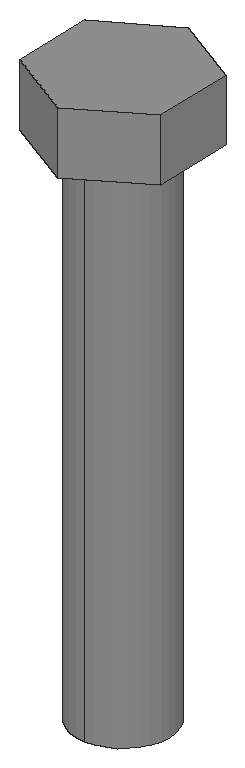
Revit family "060523 - W_P_C - Fastenings - Generic - Lag Bolt or Thru Bolt", category Structural Connections, Revit 2020
Family settings
  Material for Model Behavior = Other
  Work Plane-Based = Yes
  Enable cutting in views = Yes
  Always vertical = No
  Cut with Voids When Loaded = No
  Shared = No
Parameters (values of type "3/8 - at steel angle")
  Washer_Thickness = Head Height / 3  # 0' - 0.08333"
  Washer Radius = Radius + Head Height  # 0' - 0 7/16"
  Washer Offset - Head = if(Washer_Head_Visibility, Washer_Thickness, 0' 0")  # 0' - 0.08333"
  Washer Offset = if(Washer_Nut_Visibility, Washer_Thickness, 0' 0")  # 0' - 0.08333"
  Washer Material = none
  Washer_Nut_Visibility = no
  Washer_Head_Visibility = no
  Thickness_of_Substrate [instance] = 0' - 1"
  Side = Head Size * 0.57812  # 0' - 0.3252"
  Round_Head_Visibility = no
  Radius = Diameter / 2  # 0' - 0 3/16"
  Nut_Visibility = no
  Length [instance] = 0' - 2"
  Hex_Head_Visiblilty = yes
  Head Size = 0' - 0 9/16"
  Head Radius = Head Size / 2  # 0' - 0 9/32"
  Head Height = 0' - 0 1/4"
  Double Diameter = Diameter * 2  # 0' - 0 3/4"
  Diameter = 0' - 0 3/8"
  Default Elevation = 4' - 0"
  Bolt Material (Size) = 3/8" x 3" LAGS AT 19.2" O.C.
Types (25): name | Washer_Thickness | Washer Radius | Washer Offset - Head | Washer Offset | Washer_Nut_Visibility | Washer_Head_Visibility | Side | Round_Head_Visibility | Radius | Nut_Visibility | Length | Hex_Head_Visiblilty | Head Size | Head Radius | Head Height | Double Diameter | Diameter | Bolt Material (Size)
  2 1/2 | 0' - 0.56933" | 0' - 2.9875" | 0' - 0.56933" | 0' - 0.56933" | yes | yes | 0' - 2 43/256" | yes | 0' - 1.2795" | yes | 0' - 2" | yes | 0' - 3 3/4" | 0' - 1 7/8" | 0' - 1.708" | 0' - 5.118" | 0' - 2.559" | RIVETS
  2 1/4 | 0' - 0.516" | 0' - 2.7005" | 0' - 0.516" | 0' - 0.516" | yes | yes | 0' - 1.95117" | yes | 0' - 1.1525" | yes | 0' - 2" | yes | 0' - 3 3/8" | 0' - 1 11/16" | 0' - 1.548" | 0' - 4.61" | 0' - 2.305" | RIVETS
  2 | 0' - 0.46267" | 0' - 2.4075" | 0' - 0.46267" | 0' - 0.46267" | yes | yes | 0' - 1 47/64" | yes | 0' - 1.0195" | yes | 0' - 2" | yes | 0' - 3" | 0' - 1 1/2" | 0' - 1.388" | 0' - 4.078" | 0' - 2.039" | RIVETS
  1 7/8 | 0' - 0.42533" | 0' - 2.232" | 0' - 0.42533" | 0' - 0.42533" | yes | yes | 0' - 1.62569" | yes | 0' - 0.956" | yes | 0' - 2" | yes | 0' - 2.812" | 0' - 1.406" | 0' - 1.276" | 0' - 3.824" | 0' - 1.912" | RIVETS
  1 3/4 | 0' - 0.39867" | 0' - 2.0885" | 0' - 0.39867" | 0' - 0.39867" | yes | yes | 0' - 1.51758" | yes | 0' - 0.8925" | yes | 0' - 2" | yes | 0' - 2 5/8" | 0' - 1 5/16" | 0' - 1.196" | 0' - 3.57" | 0' - 1.785" | RIVETS
  1 5/8 | 0' - 0.372" | 0' - 1.945" | 0' - 0.372" | 0' - 0.372" | yes | yes | 0' - 1.40947" | yes | 0' - 0.829" | yes | 0' - 2" | yes | 0' - 2.438" | 0' - 1.219" | 0' - 1.116" | 0' - 3.316" | 0' - 1.658" | RIVETS
  1 1/2 | 0' - 0.34533" | 0' - 1.8015" | 0' - 0.34533" | 0' - 0.34533" | yes | yes | 0' - 1 77/256" | yes | 0' - 0.7655" | yes | 0' - 2" | yes | 0' - 2 1/4" | 0' - 1 1/8" | 0' - 1.036" | 0' - 3.062" | 0' - 1.531" | RIVETS
  1 3/8 | 0' - 0.31333" | 0' - 1.642" | 0' - 0.31333" | 0' - 0.31333" | yes | yes | 0' - 1.19209" | yes | 0' - 0.702" | yes | 0' - 2" | yes | 0' - 2.062" | 0' - 1.031" | 0' - 0.94" | 0' - 2.808" | 0' - 1.404" | RIVETS
  1 1/4 | 0' - 0.292" | 0' - 1.5145" | 0' - 0.292" | 0' - 0.292" | yes | yes | 0' - 1.08398" | yes | 0' - 0.6385" | yes | 0' - 2" | yes | 0' - 1 7/8" | 0' - 0 15/16" | 0' - 0.876" | 0' - 2.554" | 0' - 1.277" | RIVETS
  1 1/8 | 0' - 0.26" | 0' - 1.3545" | 0' - 0.26" | 0' - 0.26" | yes | yes | 0' - 0.97588" | yes | 0' - 0.5745" | yes | 0' - 2" | yes | 0' - 1.688" | 0' - 0.844" | 0' - 0.78" | 0' - 2.298" | 0' - 1.149" | RIVETS
  1 | 0' - 0.23333" | 0' - 1.211" | 0' - 0.23333" | 0' - 0.23333" | yes | yes | 0' - 0 111/128" | yes | 0' - 0.511" | yes | 0' - 2" | yes | 0' - 1 1/2" | 0' - 0 3/4" | 0' - 0.7" | 0' - 2.044" | 0' - 1.022" | RIVETS
  7/8 | 0' - 0.20133" | 0' - 1.0515" | 0' - 0.20133" | 0' - 0.20133" | yes | yes | 0' - 0.7585" | yes | 0' - 0.4475" | yes | 0' - 2" | yes | 0' - 1.312" | 0' - 0.656" | 0' - 0.604" | 0' - 1.79" | 0' - 0.895" | RIVETS
  3/4 | 0' - 0.17467" | 0' - 0.908" | 0' - 0.17467" | 0' - 0.17467" | yes | yes | 0' - 0.65039" | yes | 0' - 0.384" | yes | 0' - 2" | yes | 0' - 1 1/8" | 0' - 0 9/16" | 0' - 0.524" | 0' - 1.536" | 0' - 0.768" | RIVETS
  5/8 | 0' - 0.148" | 0' - 0.765" | 0' - 0.148" | 0' - 0.148" | yes | yes | 0' - 0.54228" | yes | 0' - 0.321" | yes | 0' - 2" | yes | 0' - 0.938" | 0' - 0.469" | 0' - 0.444" | 0' - 1.284" | 0' - 0.642" | RIVETS
  1/2 | 0' - 0.12133" | 0' - 0.6215" | 0' - 0.12133" | 0' - 0.12133" | yes | yes | 0' - 0 111/256" | yes | 0' - 0.2575" | yes | 0' - 2" | yes | 0' - 0 3/4" | 0' - 0 3/8" | 0' - 0.364" | 0' - 1.03" | 0' - 0.515" | RIVETS
  poly bolts | 0' - 0.22396" | 0' - 0 55/64" | 0' - 0.22396" | 0' - 0.22396" | yes | yes | 0' - 0 111/128" | yes | 0' - 0 3/16" | yes | 0' - 6" | yes | 0' - 1 1/2" | 0' - 0 3/4" | 0' - 0 43/64" | 0' - 0 3/4" | 0' - 0 3/8" | 5/8" GALV. ANCHOR BOLT @ 24" O.C. (11" MIN. EMBEDMENT)
  1" | 0' - 0.22396" | 0' - 1 3/64" | 0' - 0.22396" | 0' - 0.22396" | yes | yes | 0' - 0 111/128" | yes | 0' - 0 3/8" | yes | 0' - 6" | yes | 0' - 1 1/2" | 0' - 0 3/4" | 0' - 0 43/64" | 0' - 1 1/2" | 0' - 0 3/4" | 5/8" GALV. ANCHOR BOLT @ 24" O.C. (11" MIN. EMBEDMENT)
  1" Light Pole Anchor Bolt | 0' - 0.22396" | 0' - 1 11/64" | 0' - 0.22396" | 0' - 0.22396" | yes | yes | 0' - 0 111/128" | yes | 0' - 0 1/2" | yes | 4' - 0" | yes | 0' - 1 1/2" | 0' - 0 3/4" | 0' - 0 43/64" | 0' - 2" | 0' - 1" | 5/8" GALV. ANCHOR BOLT @ 24" O.C. (6" MIN. EMBEDMENT)
  1/4 | 0' - 0.05729" | 0' - 0 19/64" | 0' - 0.05729" | 0' - 0.05729" | yes | yes | 0' - 0.25293" | yes | 0' - 0 1/8" | yes | 0' - 2" | yes | 0' - 0 7/16" | 0' - 0 7/32" | 0' - 0 11/64" | 0' - 0 1/2" | 0' - 0 1/4" | RIVETS
  5/16 | 0' - 0.07292" | 0' - 0 3/8" | 0' - 0.07292" | 0' - 0.07292" | yes | yes | 0' - 0 37/128" | yes | 0' - 0 5/32" | yes | 0' - 2" | yes | 0' - 0 1/2" | 0' - 0 1/4" | 0' - 0 7/32" | 0' - 0 5/8" | 0' - 0 5/16" | RIVETS
  3/8 | 0' - 0.08333" | 0' - 0 7/16" | 0' - 0.08333" | 0' - 0.08333" | yes | yes | 0' - 0.3252" | yes | 0' - 0 3/16" | yes | 0' - 2" | yes | 0' - 0 9/16" | 0' - 0 9/32" | 0' - 0 1/4" | 0' - 0 3/4" | 0' - 0 3/8" | RIVETS
  7/16_not common | 0' - 0.09896" | 0' - 0 33/64" | 0' - 0.09896" | 0' - 0.09896" | yes | yes | 0' - 0.36133" | yes | 0' - 0 7/32" | yes | 0' - 2" | yes | 0' - 0 5/8" | 0' - 0 5/16" | 0' - 0 19/64" | 0' - 0 7/8" | 0' - 0 7/16" | RIVETS
  Polycarbaonte | 0' - 0.05729" | 0' - 0 19/64" | 0' - 0.05729" | 0' - 0.05729" | yes | yes | 0' - 0.25293" | yes | 0' - 0 1/8" | yes | 0' - 2" | no | 0' - 0 7/16" | 0' - 0 7/32" | 0' - 0 11/64" | 0' - 0 1/2" | 0' - 0 1/4" | RIVETS
  RIVET AT POLY | 0' - 0.05729" | 0' - 0 15/64" | 0' - 0.05729" | 0' - 0.08333" | no | yes | 0' - 0.25293" | yes | 0' - 0 1/16" | no | 0' - 2" | no | 0' - 0 7/16" | 0' - 0 7/32" | 0' - 0 11/64" | 0' - 0 1/4" | 0' - 0 1/8" | RIVETS
  3/8 - at steel angle | 0' - 0.08333" | 0' - 0 7/16" | 0' - 0.08333" | 0' - 0.08333" | no | no | 0' - 0.3252" | no | 0' - 0 3/16" | no | 0' - 2" | yes | 0' - 0 9/16" | 0' - 0 9/32" | 0' - 0 1/4" | 0' - 0 3/4" | 0' - 0 3/8" | 3/8" x 3" LAGS AT 19.2" O.C.
Reference planes (in)
  plane 1 "Center (Front/Back)": y = 0
  plane 2: z = 0
  plane 3 "Center (Left/Right)": x = 0
  plane 4: z = 0.33333
  plane 5: z = -2
  plane 6: y = 0
  plane 7: x = 0
  plane 8: z = -1
  plane 9: z = 0.08333
  plane 10: z = -1.08333
  plane 11: z = 0
  plane 12: through (0, 0, 48) normal (0.866, 0.5, 0)
  plane 13: through (0, 0, 48) normal (0.866, -0.5, 0)
  plane 14: through (0, 0, 48) normal (0.5, -0.866, 0)
  plane 15: through (0, 0, 48) normal (-0.5, -0.866, 0)
Forms (in)
  Extrusion 1, solid, material "3/8" x 3" LAGS AT 19.2" O.C." <- "Bolt Material (Size)"
    sketch origin (0, 8.71147, 0.08333) x (0, 1, 0) y (-1, 0, 0)
      loop
        circle (-8.71147, 0) r 0.1875
    from -2.08333 to 0
Lines and regions (in)
  model lines, style "InvisibleLines"
    curve 1: line (0, -0.64952, 0.33333) -> (0, 0.64952, 0.33333)
    curve 2: line (0.28125, 0, 0.33333) -> (-0.28125, 0, 0.33333)
  symbolic lines, style "InvisibleLines"
    curve 3: line (0, 0, 0.33333) -> (0, 0, -2)
    curve 4: line (0, 0, 0.33333) -> (0, 0, -2)
Dimensions and locks (in)
  "Head Height": plane 4 to plane 9
  "Length": plane 11 to plane 5
  "Thickness_of_Substrate": plane 2 to plane 8
  "Washer Offset": plane 8 to plane 10
  "Washer Offset - Head": plane 9 to plane 2
  "Radius": radius of Extrusion 1 sketch curve
  aligned and locked: plane 2 to level
  aligned and locked: Extrusion 1 to plane 5
  aligned and locked: plane 7 to curve 1
  aligned and locked: plane 6 to curve 2
  aligned and locked: plane 6 to curve 4
  aligned and locked: plane 11 to level
  aligned and locked: nested 5 to nested 3
Automatic sketch dimensions
  curve 3 to plane 3 "Center (Left/Right)" = 0' - 0"
  curve 3 to plane 5 = 0' - 0"
  curve 3 to plane 4 = 0' - 0"
  curve 4 to plane 5 = 0' - 0"
  curve 4 to plane 4 = 0' - 0"
  curve 1 to curve 2 = 0' - 0.64952"
  curve 2 to curve 1 = 0' - 0.64952"
  curve 2 to nested 1 = 0' - 0"  (x2)
  plane 1 "Center (Front/Back)" to Extrusion 1 sketch curve = 0' - 0"
  Extrusion 1 sketch curve to plane 3 "Center (Left/Right)" = 0' - 0"
Nested families (in)
  nested 1: "Nut" at (0, 0, 0.08333), Diameter <- "Diameter", Head Height <- "Head Height", Head Size <- "Head Size", visible <- "Hex_Head_Visiblilty", type "one"
    with Side 0' - 0.3252", Radius 0' - 0 3/16", Head Size 0' - 0 9/16", Head Radius 0' - 0 9/32", Head Height 0' - 0 1/4", Diameter 0' - 0 3/8"
  nested 2: "Nut" at (0, 0, -1.08333) x (1, 0, 0) z (0, 0, -1), Diameter <- "Diameter", Head Height <- "Head Height", Head Size <- "Head Size", visible <- "Nut_Visibility", type "one"
    with Side 0' - 0.3252", Radius 0' - 0 3/16", Head Size 0' - 0 9/16", Head Radius 0' - 0 9/32", Head Height 0' - 0 1/4", Diameter 0' - 0 3/8"
  nested 3: "Washer" at (0, 0, -1) x (0, -1, 0) z (0, 0, -1), visible <- "Washer_Nut_Visibility", type "one"
    with Washer_Thickness 0' - 0.08333", Washer Radius 0' - 0 7/16"
  nested 4: "Washer" at (0, 0, 0) x (0, -1, 0) z (0, 0, 1), visible <- "Washer_Head_Visibility", type "one"
    with Washer_Thickness 0' - 0.08333", Washer Radius 0' - 0 7/16"
  nested 5: "Bolt Head" at (0, 0, 0.08333) x (0, -1, 0) z (0, 0, 1), Diameter <- "Diameter", Head Size <- "Double Diameter", visible <- "Round_Head_Visibility", type "one"
    with Side 0' - 0 111/256", Radius 0' - 0 3/16", Head Size 0' - 0 3/4", Head Radius 0' - 0 3/8", Head Height 0' - 0 3/4", Half Radius 0' - 0 3/16", Diameter 0' - 0 3/8"
Definition of nested family "Nut"
  Parameters (values of type "one")
    Side [instance] = Head Size * 0.57812  # 0' - 0 111/256"
    Radius [instance] = Diameter / 2  # 0' - 0 1/4"
    Head Size [instance] = 0' - 0 3/4"
    Head Radius [instance] = Head Size / 2  # 0' - 0 3/8"
    Head Height [instance] = 0' - 0 11/32"
    Diameter [instance] = 0' - 0 1/2"
    Default Elevation = 4' - 0"
    Bolt Material (Size) = none
  Reference planes (in)
    plane 1 "Center (Front/Back)": y = 0
    plane 2: z = 0
    plane 3 "Center (Left/Right)": x = 0
    plane 4: z = 0.34375
    plane 5: y = 0
    plane 6: x = 0
  Forms (in)
    Extrusion 1, solid, material <- "Bolt Material (Size)"
      sketch origin (0, 0, 0) x (1, 0, 0) y (0, 1, 0)
        loop
          line (0, 0.43301) -> (-0.375, 0.21651) -> (-0.375, -0.21651) -> (0, -0.43301) -> (0.375, -0.21651) -> (0.375, 0.21651) -> (0, 0.43301)
      from 0 to 0.34375
  Lines and regions (in)
    symbolic lines
      curve 1: line (0, 0, 0.34375) -> (0, 0, -3)
  Dimensions and locks (in)
    "Head Height": plane 4 to level
    "Head Radius": Extrusion 1 sketch curve to plane 3 "Center (Left/Right)"
    "Head Radius": Extrusion 1 sketch curve to plane 6
    "Head Radius": Extrusion 1 sketch curve to plane 5  (x2)
    locked: Extrusion 1 sketch curve to Extrusion 1 sketch curve (angle 120.00°)  (x5)
    aligned and locked: level to plane 2
    aligned and locked: Extrusion 1 to plane 4
    aligned and locked: plane 5 to curve 1
  Automatic sketch dimensions
    curve 1 to plane 4 = 0' - 0"
    curve 1 to level = 0' - 3"
    Extrusion 1 sketch curve to plane 3 "Center (Left/Right)" = 0' - 0"  (x2)
Definition of nested family "Washer"
  Parameters (values of type "one")
    Washer_Thickness = 0' - 0 1/8"
    Washer Radius = 0' - 0 19/64"
    Default Elevation = 4' - 0"
    Washer Material = none
  Reference planes (in)
    plane 1 "Center (Front/Back)": y = 0
    plane 2: z = 0
    plane 3 "Center (Left/Right)": x = 0
    plane 4: z = 0.125
    plane 5: y = 0
    plane 6: x = 0
  Forms (in)
    Extrusion 1, solid, material <- "Washer Material"
      sketch origin (0, 0, 0) x (1, 0, 0) y (0, 1, 0)
        loop
          circle (0, 0) r 0.29688
      from 0 to 0.125
  Lines and regions (in)
    symbolic lines
      curve 1: line (0, 0, 0.125) -> (0, 0, -3)
  Dimensions and locks (in)
    "Washer_Thickness": plane 2 to plane 4
    "Washer Radius": radius of Extrusion 1 sketch curve
    aligned and locked: level to plane 2
    aligned and locked: Extrusion 1 to plane 4
    aligned and locked: plane 5 to curve 1
  Automatic sketch dimensions
    curve 1 to plane 4 = 0' - 0"
    curve 1 to level = 0' - 3"
    plane 1 "Center (Front/Back)" to Extrusion 1 sketch curve = 0' - 0"
    Extrusion 1 sketch curve to plane 3 "Center (Left/Right)" = 0' - 0"
Definition of nested family "Bolt Head"
  Parameters (values of type "one")
    Side [instance] = Head Size * 0.57812  # 0' - 0.9128"
    Radius [instance] = Diameter / 2  # 0' - 0 1/4"
    Head Size [instance] = 0' - 1.5789"
    Head Radius [instance] = Head Size / 2  # 0' - 0.78945"
    Head Height [instance] = 0' - 0 3/4"
    Half Radius [instance] = Head Radius / 2  # 0' - 0.39472"
    Diameter [instance] = 0' - 0 1/2"
    Default Elevation = 4' - 0"
    Bolt Material (Size) = none
  Reference planes (in)
    plane 1 "Center (Front/Back)": y = 0
    plane 2: z = 0
    plane 3 "Center (Left/Right)": x = 0
    plane 4: y = 0
    plane 5: x = 0
    plane 6: x = 0.78945
    plane 7: z = 0.39472
  Forms (in)
    Revolve 1, solid, material <- "Bolt Material (Size)"
      sketch origin (0, 0, 0) x (1, 0, 0) y (0, 0, 1)
        loop
          line (0, 0.39472) -> (0, 0) -> (0.78945, 0)
          arc (0.78945, 0) -> (0.4761, 0.28968) -> (0.0625, 0.39472) r 0.86676
          line (0.0625, 0.39472) -> (0, 0.39472)
        axis (0, 0) -> (0, 0.39472)
      angle from 0 to 360
  Lines and regions (in)
    symbolic lines
      curve 1: line (0, 0, 0.75) -> (0, 0, -3)
  Dimensions and locks (in)
    "Head Radius": plane 6 to plane 5
    locked: Revolve 1 sketch curve to plane 5 at 0.0625
    "Half Radius": plane 2 to plane 7
    aligned and locked: level to plane 2
    aligned and locked: plane 4 to curve 1
    aligned and locked: plane 7 to Revolve 1 sketch curve
  Automatic sketch dimensions
    curve 1 to level = 0' - 3"
    plane 7 to curve 1 = 0' - 0.35528"
    Revolve 1 sketch curve to plane 3 "Center (Left/Right)" = 0' - 0"  (x2)
    Revolve 1 sketch curve to level = 0' - 0"
    plane 6 to Revolve 1 sketch curve = 0' - 0"
    level to Revolve 1 sketch curve = 0' - 0.05843"
    plane 7 to Revolve 1 sketch curve = 0' - 0.51153"
